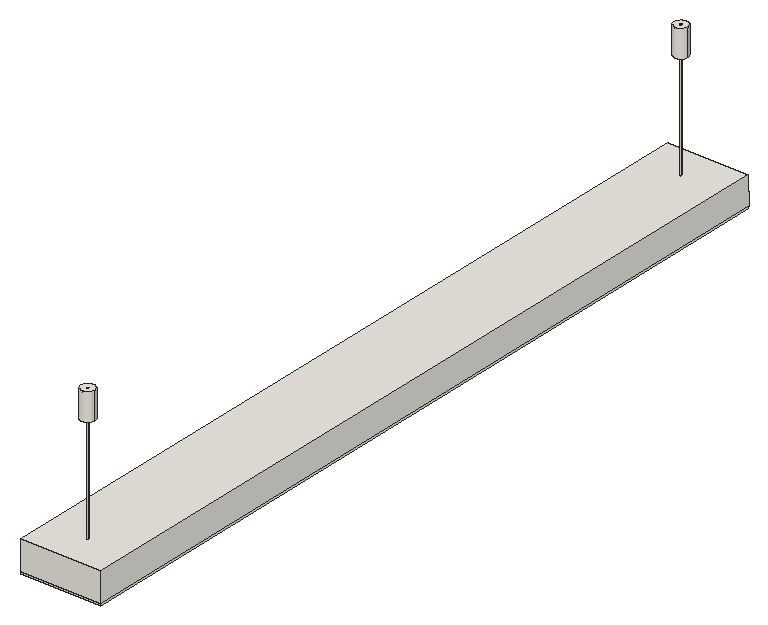
Revit family "ERA_LF_PR_SPO-532", category Осветительные приборы, Revit 2019
Family settings
  Размер круглого соединителя = Использовать диаметр
  Тип детали = Нормальный
  Номер OmniClass = 23.80.70.00
  Заголовок OmniClass = Lighting
  На основе рабочей плоскости = Нет
  Всегда вертикально = Да
  При загрузке вырезать с полостями = Нет
  Источник света = Да
  Общий = Нет
  Точка расчета площади = Да
Parameters (values of type "SPO-532-0-40K-018, LED, IP20, 600х60х23 мм (ДхШхВ), 18 Вт, 4000 К, 1500 лм, класс защиты I, в комплекте (импульсный драйвер, поликарбонат)")
  built-in parameter 1150104 = 13.8 (stored number, unit not read)
  Чаша подвеса [instance] = yes
  built-in parameter 1150134 = 2
  Файл фотометрической сетки = "SPO-532-0-40K-018.ies"
  Угол наклона = 90.00°
  built-in parameter 1150142 = "IESNA:LM-63-1995\r\n[DATA] 14.08.2014\r\n[MANUFAC]??ÐÀ\r\n[LUMCAT] \r\n[LUMINAIRE]  SPO-532-0-40K-018 \r\n[LAMP] LED\r\nTILT=NONE\r\n1 1600 1.506 46 37 1 2 0.600 0.060 0.023\r\n1 1 17.8\r\n0.0000 2.0000 4.0000 6.0000 8.0000 10.0000 12.0000 14.0000 16.0000 18.0000 20.0000 22.0000 24.0000 26.0000 28.0000 30.0000 32.0000 34.0000 36.0000 38.0000 40.0000 42.0000 44.0000 46.0000 48.0000 50.0000 52.0000 54.0000 56.0000 58.0000 60.0000 62.0000 64.0000 66.0000 68.0000 70.0000 72.0000 74.0000 76.0000 78.0000 80.0000 82.0000 84.0000 86.0000 88.0000 90.0000 \r\n0.0000 10.0000 20.0000 30.0000 40.0000 50.0000 60.0000 70.0000 80.0000 90.0000 100.0000 110.0000 120.0000 130.0000 140.0000 150.0000 160.0000 170.0000 180.0000 190.0000 200.0000 210.0000 220.0000 230.0000 240.0000 250.0000 260.0000 270.0000 280.0000 290.0000 300.0000 310.0000 320.0000 330.0000 340.0000 350.0000 360.0000 \r\n351.8476 351.8476 351.0617 349.4898 347.6558 345.0360 342.4161 338.7483 334.8185 330.3648 325.1250 320.1473 314.1216 308.0959 301.0223 293.9487 286.6130 278.2295 270.6319 261.7243 253.0788 244.1713 234.4778 225.0463 215.0908 204.8733 194.6558 184.4384 173.9589 163.4795 152.4760 141.7346 130.7312 119.9897 108.9863 98.2449 87.7654 77.0240 66.8065 56.5890 46.3716 36.9401 27.7706 18.6010 10.4795 3.1438 \r\n351.8476 351.8318 351.0459 349.4819 347.6558 345.0281 342.4240 338.7325 334.8185 330.3648 325.1408 320.1473 314.1137 308.0801 301.0223 293.9487 286.6051 278.2374 270.6240 261.7243 253.0709 244.1634 234.4699 225.0384 215.0829 204.8733 194.6637 184.4384 173.9668 163.4953 152.4839 141.7425 130.7391 119.9976 109.0100 98.2607 87.7733 77.0556 66.8302 56.6206 46.4032 36.9717 27.7863 18.6247 10.5032 3.1596 \r\n351.8476 351.7863 351.0004 349.4591 347.6558 345.0053 342.4468 338.6870 334.8185 330.3648 325.1863 320.1473 314.0910 308.0346 301.0223 293.9487 286.5824 278.2601 270.6012 261.7243 253.0481 244.1406 234.4471 225.0156 215.0601 204.8733 194.6865 184.4384 173.9896 163.5408 152.5067 141.7652 130.7618 120.0204 109.0782 98.3062 87.7961 77.1466 66.8985 56.7116 46.4942 37.0627 27.8318 18.6930 10.5714 3.2051 \r\n351.8476 351.7166 350.9307 349.4243 347.6558 344.9705 342.4816 338.6173 334.8185 330.3648 325.2560 320.1473 314.0561 307.9649 301.0223 293.9487 286.5475 278.2950 270.5664 261.7243 253.0133 244.1058 234.4123 224.9808 215.0253 204.8733 194.7213 184.4384 174.0244 163.6105 152.5415 141.8001 130.7967 120.0552 109.1828 98.3759 87.8309 77.2860 67.0030 56.8510 46.6336 37.2021 27.9015 18.7975 10.6759 3.2748 \r\n351.8476 351.6311 350.8452 349.3815 347.6558 344.9277 342.5244 338.5318 334.8185 330.3648 325.3415 320.1473 314.0134 307.8794 301.0223 293.9487 286.5048 278.3377 270.5236 261.7243 252.9705 244.0630 234.3695 224.9380 214.9825 204.8733 194.7641 184.4384 174.0672 163.6960 152.5843 141.8428 130.8394 120.0980 109.3111 98.4614 87.8737 77.4570 67.1313 57.0220 46.8046 37.3731 27.9870 18.9258 10.8042 3.3603 \r\n351.8476 351.5401 350.7542 349.3360 347.6558 344.8822 342.5699 338.4408 334.8185 330.3648 325.4325 320.1473 313.9679 307.7884 301.0223 293.9487 286.4593 278.3832 270.4781 261.7243 252.9250 244.0175 234.3240 224.8925 214.9370 204.8733 194.8096 184.4384 174.1127 163.7869 152.6298 141.8883 130.8849 120.1435 109.4475 98.5524 87.9192 77.6389 67.2677 57.2040 46.9865 37.5550 28.0780 19.0623 10.9407 3.4513 \r\n351.8476 351.4546 350.6687 349.2933 347.6558 344.8395 342.6126 338.3553 334.8185 330.3648 325.5180 320.1473 313.9251 307.7029 301.0223 293.9487 286.4165 278.4260 270.4354 261.7243 252.8823 243.9748 234.2813 224.8498 214.8943 204.8733 194.8523 184.4384 174.1554 163.8724 152.6725 141.9311 130.9277 120.1862 109.5758 98.6379 87.9619 77.8099 67.3960 57.3750 47.1575 37.7260 28.1635 19.1905 11.0689 3.5368 \r\n351.8476 351.3849 350.5990 349.2584 347.6558 344.8046 342.6475 338.2856 334.8185 330.3648 325.5877 320.1473 313.8903 307.6332 301.0223 293.9487 286.3817 278.4608 270.4005 261.7243 252.8474 243.9399 234.2464 224.8149 214.8594 204.8733 194.8872 184.4384 174.1903 163.9421 152.7074 141.9659 130.9625 120.2211 109.6803 98.7076 87.9968 77.9493 67.5005 57.5144 47.2969 37.8654 28.2332 19.2950 11.1735 3.6065 \r\n351.8476 351.3395 350.5535 349.2357 347.6558 344.7819 342.6702 338.2401 334.8185 330.3648 325.6332 320.1473 313.8675 307.5877 301.0223 293.9487 286.3589 278.4836 270.3778 261.7243 252.8247 243.9172 234.2237 224.7922 214.8367 204.8733 194.9099 184.4384 174.2130 163.9876 152.7301 141.9887 130.9853 120.2438 109.7486 98.7530 88.0195 78.0403 67.5688 57.6054 47.3879 37.9564 28.2787 19.3633 11.2417 3.6520 \r\n351.8476 351.3237 350.5377 349.2278 347.6558 344.7740 342.6781 338.2243 334.8185 330.3648 325.6490 320.1473 313.8596 307.5719 301.0223 293.9487 286.3510 278.4915 270.3699 261.7243 252.8168 243.9093 234.2158 224.7843 214.8288 204.8733 194.9178 184.4384 174.2209 164.0034 152.7380 141.9966 130.9932 120.2517 109.7723 98.7688 88.0274 78.0719 67.5925 57.6370 47.4195 37.9880 28.2945 19.3870 11.2654 3.6678 \r\n351.8476 351.3237 350.5140 349.2278 347.6242 344.7424 342.6307 338.2006 334.7790 330.2936 325.5700 320.0604 313.7727 307.5008 300.9433 293.8776 286.2799 278.4204 270.2751 261.6295 252.7220 243.8066 234.1210 224.7132 214.7656 204.8259 194.8704 184.4068 174.1893 163.9560 152.7143 141.9650 130.9695 120.2122 109.7328 98.7293 87.9879 78.0087 67.5214 57.5580 47.3405 37.9011 28.2392 19.3080 11.1396 3.6196 \r\n351.8476 351.3237 350.4458 349.2278 347.5333 344.6514 342.4942 338.1324 334.6653 330.0889 325.3425 319.8102 313.5225 307.2961 300.7158 293.6728 286.0752 278.2156 270.0021 261.3566 252.4490 243.5109 233.8480 224.5084 214.5836 204.6894 194.7339 184.3158 174.0983 163.8196 152.6461 141.8740 130.9012 120.0985 109.6190 98.6156 87.8742 77.8267 67.3166 57.3305 47.1131 37.6509 28.0800 19.0805 10.7775 3.4808 \r\n351.8476 351.3237 350.3412 349.2278 347.3939 344.5120 342.2851 338.0278 334.4910 329.7753 324.9940 319.4268 313.1391 306.9825 300.3673 293.3592 285.7616 277.9020 269.5839 260.9384 252.0308 243.0578 233.4298 224.1948 214.3048 204.4803 194.5248 184.1764 173.9589 163.6105 152.5415 141.7346 130.7967 119.9242 109.4448 98.4414 87.6999 77.5479 67.0030 56.9820 46.7645 37.2675 27.8360 18.7320 10.2226 3.2682 \r\n351.8476 351.3237 350.2130 349.2278 347.2229 344.3410 342.0286 337.8996 334.2773 329.3905 324.5665 318.9566 312.6689 306.5977 299.9398 292.9744 285.3768 277.5172 269.0709 260.4254 251.5178 242.5020 232.9168 223.8100 213.9628 204.2238 194.2683 184.0054 173.7879 163.3540 152.4133 141.5636 130.6684 119.7105 109.2310 98.2276 87.4862 77.2059 66.6182 56.5545 46.3370 36.7973 27.5368 18.3045 9.5420 3.0074 \r\n351.8476 351.3237 350.0765 349.2278 347.0409 344.1590 341.7557 337.7631 334.0498 328.9811 324.1116 318.4561 312.1685 306.1883 299.4849 292.5650 284.9674 277.1078 268.5250 259.8794 250.9719 241.9106 232.3709 223.4006 213.5989 203.9509 193.9954 183.8234 173.6059 163.0810 152.2768 141.3816 130.5319 119.4830 109.0036 98.0001 87.2587 76.8420 66.2088 56.0996 45.8821 36.2969 27.2183 17.8496 8.8176 2.7298 \r\n351.8476 351.3237 349.9482 349.2278 346.8699 343.9880 341.4992 337.6349 333.8361 328.5963 323.6841 317.9859 311.6982 305.8035 299.0574 292.1802 284.5826 276.7230 268.0120 259.3664 250.4589 241.3549 231.8579 223.0158 213.2569 203.6944 193.7389 183.6524 173.4349 162.8245 152.1486 141.2106 130.4037 119.2693 108.7898 97.7864 87.0449 76.5000 65.8241 55.6721 45.4546 35.8266 26.9191 17.4221 8.1370 2.4690 \r\n351.8476 351.3237 349.8437 349.2278 346.7305 343.8486 341.2901 337.5303 333.6618 328.2827 323.3356 317.6025 311.3149 305.4899 298.7089 291.8666 284.2690 276.4094 267.5938 258.9482 250.0407 240.9018 231.4397 222.7022 212.9781 203.4853 193.5298 183.5130 173.2955 162.6154 152.0440 141.0712 130.2991 119.0950 108.6156 97.6121 86.8707 76.2212 65.5104 55.3236 45.1061 35.4433 26.6751 17.0736 7.5821 2.2564 \r\n351.8476 351.3237 349.7754 349.2278 346.6395 343.7577 341.1536 337.4621 333.5481 328.0780 323.1081 317.3523 311.0647 305.2852 298.4814 291.6619 284.0643 276.2047 267.3208 258.6753 249.7678 240.6061 231.1667 222.4975 212.7961 203.3488 193.3933 183.4220 173.2046 162.4789 151.9758 140.9802 130.2309 118.9813 108.5018 97.4984 86.7570 76.0392 65.3057 55.0961 44.8787 35.1931 26.5159 16.8461 7.2200 2.1176 \r\n351.8476 351.3237 349.7517 349.2278 346.6079 343.7261 341.1062 337.4384 333.5086 328.0069 323.0291 317.2654 310.9778 305.2141 298.4024 291.5908 283.9932 276.1336 267.2260 258.5805 249.6730 240.5034 231.0719 222.4264 212.7329 203.3014 193.3459 183.3904 173.1730 162.4315 151.9521 140.9486 130.2072 118.9418 108.4623 97.4589 86.7175 75.9760 65.2346 55.0171 44.7997 35.1062 26.4606 16.7671 7.0942 2.0694 \r\n351.8476 351.3237 349.7517 349.1962 346.6079 343.7182 341.0904 337.4068 333.4770 327.9990 323.0212 317.2496 310.9778 305.1904 298.3866 291.5671 283.9537 276.0941 267.2023 258.5489 249.6572 240.5034 231.0798 222.4185 212.7092 203.2540 193.2906 183.3272 173.0861 162.3762 151.9047 140.9091 130.1677 118.9260 108.4386 97.4510 86.7175 75.9918 65.2662 55.0487 44.8313 35.1378 26.4237 16.5392 6.9539 2.0212 \r\n351.8476 351.3237 349.7517 349.1052 346.6079 343.6954 341.0449 337.3158 333.3860 327.9762 322.9985 317.2041 310.9778 305.1221 298.3411 291.4988 283.8399 275.9803 267.1341 258.4579 249.6117 240.5034 231.1026 222.3957 212.6409 203.1175 193.1314 183.1452 172.8358 162.2170 151.7682 140.7954 130.0540 118.8805 108.3704 97.4283 86.7175 76.0373 65.3572 55.1397 44.9223 35.2288 26.3174 15.8831 6.5498 1.8823 \r\n351.8476 351.3237 349.7517 348.9658 346.6079 343.6606 340.9752 337.1764 333.2466 327.9414 322.9636 317.1344 310.9778 305.0176 298.2714 291.3943 283.6657 275.8061 267.0296 258.3185 249.5420 240.5034 231.1374 222.3609 212.5364 202.9084 192.8874 182.8664 172.4525 161.9730 151.5591 140.6211 129.8797 118.8108 108.2658 97.3934 86.7175 76.1070 65.4966 55.2791 45.0617 35.3682 26.1545 14.8778 5.9308 1.6695 \r\n351.8476 351.3237 349.7517 348.7948 346.6079 343.6178 340.8897 337.0054 333.0756 327.8986 322.9209 317.0489 310.9778 304.8893 298.1859 291.2660 283.4519 275.5923 266.9013 258.1475 249.4565 240.5034 231.1802 222.3181 212.4081 202.6519 192.5882 182.5244 171.9822 161.6738 151.3026 140.4074 129.6660 118.7253 108.1376 97.3507 86.7175 76.1925 65.6676 55.4501 45.2327 35.5392 25.9548 13.6446 5.1715 1.4084 \r\n351.8476 351.3237 349.7517 348.6128 346.6079 343.5723 340.7987 336.8234 332.8936 327.8531 322.8754 316.9580 310.9778 304.7528 298.0949 291.1295 283.2245 275.3649 266.7648 257.9655 249.3655 240.5034 231.2257 222.2726 212.2717 202.3789 192.2697 182.1605 171.4818 161.3553 151.0296 140.1799 129.4385 118.6343 108.0011 97.3052 86.7175 76.2835 65.8496 55.6321 45.4146 35.7211 25.7422 12.3323 4.3634 1.1306 \r\n351.8476 351.3237 349.7517 348.4418 346.6079 343.5296 340.7132 336.6524 332.7226 327.8104 322.8326 316.8725 310.9778 304.6246 298.0094 291.0013 283.0107 275.1511 266.6366 257.7945 249.2800 240.5034 231.2684 222.2299 212.1434 202.1224 191.9705 181.8185 171.0115 161.0561 150.7731 139.9662 129.2247 118.5488 107.8729 97.2624 86.7175 76.3690 66.0206 55.8031 45.5856 35.8921 25.5424 11.0992 3.6040 0.8696 \r\n351.8476 351.3237 349.7517 348.3024 346.6079 343.4947 340.6435 336.5130 332.5832 327.7755 322.7978 316.8028 310.9778 304.5200 297.9397 290.8968 282.8365 274.9769 266.5320 257.6551 249.2103 240.5034 231.3033 222.1950 212.0389 201.9133 191.7265 181.5397 170.6282 160.8121 150.5640 139.7919 129.0505 118.4791 107.7683 97.2276 86.7175 76.4387 66.1600 55.9425 45.7250 36.0315 25.3795 10.0939 2.9850 0.6568 \r\n351.8476 351.3237 349.7517 348.2114 346.6079 343.4720 340.5980 336.4220 332.4922 327.7528 322.7750 316.7573 310.9778 304.4518 297.8942 290.8285 282.7227 274.8631 266.4638 257.5641 249.1648 240.5034 231.3260 222.1723 211.9706 201.7769 191.5673 181.3577 170.3780 160.6529 150.4275 139.6782 128.9368 118.4336 107.7001 97.2048 86.7175 76.4842 66.2509 56.0335 45.8160 36.1225 25.2732 9.4378 2.5810 0.5179 \r\n351.8476 351.3237 349.7517 348.1798 346.6079 343.4641 340.5822 336.3904 332.4606 327.7449 322.7671 316.7415 310.9778 304.4281 297.8784 290.8048 282.6832 274.8237 266.4401 257.5326 249.1490 240.5034 231.3339 222.1644 211.9469 201.7295 191.5120 181.2945 170.2911 160.5976 150.3801 139.6387 128.8973 118.4178 107.6764 97.1969 86.7175 76.5000 66.2825 56.0651 45.8476 36.1541 25.2363 9.2100 2.4407 0.4697 \r\n351.8476 351.3395 349.7912 348.2193 346.6395 343.5115 340.6375 336.4615 332.5318 327.8239 322.8383 316.8442 311.0726 304.5387 297.9733 290.8996 282.8018 274.9264 266.5665 257.6590 249.2675 240.6141 231.4287 222.2513 212.0417 201.8243 191.6068 181.3893 170.4017 160.6845 150.4434 139.7019 128.9526 118.4652 107.7159 97.2285 86.7491 76.5158 66.2983 56.0809 45.8634 36.1778 25.3128 9.4932 2.6831 0.5503 \r\n351.8476 351.3850 349.9050 348.3331 346.7305 343.6480 340.7968 336.6663 332.7365 328.0514 323.0430 317.1399 311.3455 304.8572 298.2462 291.1726 283.1430 275.2221 266.9305 258.0229 249.6087 240.9325 231.7017 222.5015 212.3147 202.0973 191.8798 181.6623 170.7202 160.9347 150.6253 139.8839 129.1118 118.6017 107.8296 97.3195 86.8401 76.5613 66.3438 56.1264 45.9089 36.2461 25.5328 10.3086 3.3811 0.7825 \r\n351.8476 351.4547 350.0792 348.5073 346.8699 343.8571 341.0407 336.9799 333.0501 328.3999 323.3566 317.5930 311.7638 305.3451 298.6644 291.5908 283.6657 275.6751 267.4881 258.5805 250.1315 241.4204 232.1199 222.8849 212.7329 202.5155 192.2980 182.0805 171.2081 161.3181 150.9041 140.1627 129.3558 118.8108 108.0039 97.4589 86.9795 76.6310 66.4135 56.1961 45.9786 36.3506 25.8699 11.5578 4.4505 1.1382 \r\n351.8476 351.5402 350.2930 348.7211 347.0409 344.1136 341.3400 337.3647 333.4349 328.8274 323.7414 318.1487 312.2768 305.9436 299.1774 292.1038 284.3070 276.2309 268.1721 259.2645 250.7727 242.0189 232.6329 223.3551 213.2459 203.0285 192.8110 182.5935 171.8066 161.7884 151.2461 140.5047 129.6550 119.0673 108.2176 97.6299 87.1505 76.7165 66.4990 56.2816 46.0641 36.4789 26.2834 13.0902 5.7622 1.5746 \r\n351.8476 351.6311 350.5205 348.9485 347.2229 344.3865 341.6584 337.7741 333.8443 329.2823 324.1508 318.7401 312.8227 306.5805 299.7234 292.6497 284.9894 276.8223 268.9000 259.9924 251.4551 242.6558 233.1788 223.8556 213.7919 203.5744 193.3569 183.1395 172.4435 162.2888 151.6101 140.8687 129.9735 119.3403 108.4451 97.8119 87.3324 76.8075 66.5900 56.3726 46.1551 36.6153 26.7235 14.7210 7.1581 2.0390 \r\n351.8476 351.7166 350.7342 349.1623 347.3939 344.6430 341.9577 338.1589 334.2291 329.7098 324.5356 319.2959 313.3357 307.1790 300.2364 293.1627 285.6306 277.3781 269.5840 260.6764 252.0964 243.2543 233.6918 224.3258 214.3048 204.0874 193.8699 183.6524 173.0420 162.7590 151.9521 141.2107 130.2727 119.5968 108.6588 97.9829 87.5034 76.8930 66.6755 56.4581 46.2406 36.7436 27.1370 16.2534 8.4699 2.4753 \r\n351.8476 351.7863 350.9084 349.3365 347.5333 344.8521 342.2016 338.4725 334.5427 330.0583 324.8492 319.7489 313.7539 307.6669 300.6546 293.5809 286.1534 277.8311 270.1416 261.2340 252.6191 243.7422 234.1100 224.7092 214.7230 204.5056 194.2881 184.0706 173.5299 163.1424 152.2309 141.4894 130.5167 119.8059 108.8331 98.1223 87.6428 76.9627 66.7452 56.5278 46.3103 36.8481 27.4741 17.5026 9.5392 2.8310 \r\n351.8476 351.8318 351.0222 349.4503 347.6243 344.9886 342.3608 338.6772 334.7474 330.2858 325.0539 320.0446 314.0268 307.9853 300.9275 293.8539 286.4946 278.1268 270.5055 261.5980 252.9603 244.0607 234.3830 224.9594 214.9960 204.7785 194.5611 184.3436 173.8483 163.3926 152.4129 141.6714 130.6759 119.9423 108.9468 98.2133 87.7338 77.0082 66.7907 56.5732 46.3558 36.9164 27.6941 18.3179 10.2371 3.0632 \r\n351.8476 351.8476 351.0617 349.4898 347.6558 345.0360 342.4161 338.7483 334.8185 330.3648 325.1250 320.1473 314.1216 308.0959 301.0223 293.9487 286.6130 278.2295 270.6319 261.7243 253.0788 244.1713 234.4778 225.0463 215.0908 204.8733 194.6558 184.4384 173.9589 163.4795 152.4760 141.7346 130.7312 119.9897 108.9863 98.2449 87.7654 77.0240 66.8065 56.5890 46.3716 36.9401 27.7706 18.6010 10.4795 3.1438 \r\n"
  Диаметр чаши подвеса = 10.00 mm
  Высота чаши подвеса = 20.00 mm
  _УГО_Ширина = if(_Корпус_Ширина / УГО_Масштаб < 1.00 mm, 1.00 mm, _Корпус_Ширина / УГО_Масштаб)  # 1.00 mm
  УГО_Масштаб = 100
  _УГО_Длина = if(_Корпус_Длина / УГО_Масштаб < 1.00 mm, 1.00 mm, _Корпус_Длина / УГО_Масштаб)  # 6.00 mm
  _УГО_Диаметр = if(_Корпус_Длина / УГО_Масштаб < 1.00 mm, 1.00 mm, _Корпус_Длина / УГО_Масштаб)  # 6.00 mm
  УГО_Видимость [instance] = not(УГО_Реальный размер)  # yes
  УГО_Аварийный [instance] = no
  Тип установки = "Подвесной"
  Степень защиты IP = "IP20"
  built-in parameter 1150137 = (empty or 0)
  built-in parameter 1150132 = 2
  built-in parameter 1150114 = 1 (stored number, unit not read)
  Dimming Lamp Color Temperature Shift = (empty or 0)
  built-in parameter 1150105 = 417.78 (stored number, unit not read)
  Color Filter = 16777215
  Lumens = 1500 lm
  Разработчик модели = "https://www.teslabim.ru"
  built-in parameter 1150109 = 1 (stored number, unit not read)
  built-in parameter 1150112 = 1 (stored number, unit not read)
  built-in parameter 1150110 = 1 (stored number, unit not read)
  built-in parameter 1150113 = 1 (stored number, unit not read)
  built-in parameter 1150115 = 1 (stored number, unit not read)
  built-in parameter 1114218 = 1 (stored number, unit not read)
  built-in parameter 1114217 = 1 (stored number, unit not read)
  built-in parameter 1150106 = 4.1778 (stored number, unit not read)
  Emit from Rectangle Width = _Корпус_Ширина  # 60.00 mm
  Emit from Rectangle Length = _Корпус_Длина  # 600.00 mm
  _Корпус_Ширина = if(ADSK_Размер_Ширина < 1.00 mm, 1.00 mm, ADSK_Размер_Ширина)  # 60.00 mm
  _Корпус_Длина = if(ADSK_Размер_Длина < 1.00 mm, 1.00 mm, ADSK_Размер_Длина)  # 600.00 mm
  built-in parameter 1150133 = 10 (stored number, unit not read)
  Wattage = 35.3435 W
  built-in parameter 1150139 = (empty or 0)
  built-in parameter 1114216 [instance] = 1 (stored number, unit not read)
  Цвет = Белый
  УГО_Реальный размер [instance] = no
  Description = ""
  Lamp = ""
  Комплект = "Импульсный драйвер, поликарбонат"
  Класс пожароопасности = "Нет"
  Класс защиты = "I"
  built-in parameter 1150138 = (empty or 0)
  built-in parameter 1150107 = 4000 (stored number, unit not read)
  built-in parameter 1150102 = (empty or 0)
  Источник света = "LED"
  Manufacturer = ""
  Длина подвеса [instance] = 100.00 mm
  Диаметр подвеса = 1.00 mm
  Геометрия изделия = "Прямоугольный"
  Видимая форма излучения при визуализации = no
  _УГО_Аварийный [instance] = if(УГО_Аварийный, "A", " ")  # " "
  _Корпус_Диаметр = if(ADSK_Размер_Диаметр < 1.00 mm, 1.00 mm, ADSK_Размер_Диаметр)  # 1.00 mm
  _Подвес_Расстояние = _Корпус_Длина - 50.00 mm  # 550.00 mm
  _Подвес_Чаша_Высота = if(Высота чаши подвеса < 1.00 mm, 1.00 mm, Высота чаши подвеса)  # 20.00 mm
  _Подвес_Длина [instance] = if(Длина подвеса < 1.00 mm, 1.00 mm, Длина подвеса)  # 100.00 mm
  _Подвес_Чаша_Диаметр = if(Диаметр чаши подвеса < 1.00 mm, 1.00 mm, Диаметр чаши подвеса)  # 10.00 mm
  _Подвес_Диаметр = if(Диаметр подвеса < 1.00 mm, 1.00 mm, Диаметр подвеса)  # 1.00 mm
  _Корпус_Высота = if(ADSK_Размер_Высота < 1.00 mm, 1.00 mm, ADSK_Размер_Высота)  # 23.00 mm
  URL = "https://www.eraworld.ru/catalog/2650724"
  ADSK_Размер_Ширина = 60.00 mm
  ADSK_Размер_Длина = 600.00 mm
  ADSK_Размер_Диаметр = 0.00 mm
  ADSK_Примечание = "Импульсный драйвер, поликарбонат"
  ADSK_Полная мощность = ADSK_Номинальная мощность / ADSK_Коэффициент мощности  # 20 VA
  ADSK_Позиция = ""
  ADSK_Номинальная мощность = 18 W
  ADSK_Напряжение = 230 V
  ADSK_Наименование краткое = "Светильник"
  ADSK_Масса = 0.3
  ADSK_Марка = "SPO-532-0-40K-018"
  ADSK_Коэффициент мощности = 0.9
  ADSK_Количество фаз = 1
  ADSK_Код изделия = ""
  ADSK_Классификация нагрузок = Освещение
  ADSK_Размер_Высота = 23.00 mm
  ADSK_Обозначение = ADSK_Марка  # "SPO-532-0-40K-018"
  ADSK_Наименование = "Светильник, LED, прямоугольный, подвесной, IP20, 600х60х23 мм (ДхШхВ), 18 Вт, 4000 К, 1500 лм, класс защиты I, в комплекте (импульсный драйвер, поликарбонат)"
  ADSK_Завод-изготовитель = "ЭРА"
  ADSK_Единица измерения = "шт."
Reference planes
  plane 1 "По центру (Вперед/Назад)": y = 0
  plane 2: z = 0
  plane 3 "По центру (Влево/Вправо)": x = 0
  plane 4 "ИС": z = -123
  plane 5 "H": z = -100
  plane 6 "П2": y = -275
  plane 7 "П1": y = 275
Dimensions and locks
  "_Подвес_Длина": plane 5 "H" to plane 2
  "ADSK_Размер_Высота": plane 4 "ИС" to plane 5 "H"
  equal spacing: plane 7 "П1", plane 1 "По центру (Вперед/Назад)", plane 6 "П2"
  "_Подвес_Расстояние": plane 7 "П1" to plane 6 "П2"
  aligned and locked: level to plane 2
  aligned and locked: imposter light to plane 4 "ИС"
  aligned and locked: nested 2 to plane 3 "По центру (Влево/Вправо)"
  aligned and locked: plane 1 "По центру (Вперед/Назад)" to nested 2
  aligned and locked: plane 3 "По центру (Влево/Вправо)" to nested 4
  aligned and locked: plane 3 "По центру (Влево/Вправо)" to nested 3
  aligned and locked: plane 6 "П2" to nested 4
  aligned and locked: plane 7 "П1" to nested 3
Nested families
  nested 1: "GA_УГО" at (0, 0, 0), visible <- "УГО_Видимость", Аварийный <- "УГО_Аварийный", type "Прямоугольник", detail levels coarse+medium
    with Аварийный no, Ширина 1.00 mm, Длина 6.00 mm
  nested 2: "GM_ОП_Пр_Корпус" at (0, 0, -100) x (-1, 0, 0) z (0, 0, -1), type "GM_ОП_Пр_Корпус"
  nested 3: "GM_Подвес" at (0, 275, 0), type "GM_Подвес"
    with Чаша yes, Диаметр чаши подвеса 10.00 mm, Высота чаши подвеса 20.00 mm
  nested 4: "GM_Подвес" at (0, -275, 0), type "GM_Подвес"
    with Чаша yes, Диаметр чаши подвеса 10.00 mm, Высота чаши подвеса 20.00 mm
Connectors
  electrical at (0, 0, 0), driven by "ADSK_Коэффициент мощности", driven by "ADSK_Количество фаз", driven by "ADSK_Классификация нагрузок", driven by "ADSK_Напряжение", driven by "ADSK_Полная мощность"
    settings: index 1, voltage 230 V, apparent load 20 VA, apparent load phase1 0 VA, apparent load phase2 0 VA, apparent load phase3 0 VA, power factor 0.9, load classification "Освещение", number of poles 1, system type 30, power factor state 1, is connector primary yes, connector utility no, sub classification motor no, connector description ""
Definition of nested family "GM_ОП_Пр_Корпус"
  Parameters (values of type "GM_ОП_Пр_Корпус")
    Рассеиватель_Высота = Корпус_Высота * 0.05  # 1.15 mm
    Корпус_Ширина = 60.00 mm
    Цвет = none
    Реальный размер = no
    Default Elevation = 1000.00 mm
    Корпус_Длина = 600.00 mm
    Корпус_Высота = 23.00 mm
    Кант_Ширина = Корпус_Ширина * 0.05  # 3.00 mm
  Reference planes
    plane 1 "По центру (Вперед/Назад)": y = 0
    plane 2: z = 0
    plane 3 "По центру (Влево/Вправо)": x = 0
    plane 4 "Ш1": x = 30
    plane 5 "Ш2": x = -30
    plane 6 "Д1": y = 300
    plane 7 "Д2": y = -300
    plane 8 "В": z = 23
    plane 9 "Р": z = 21.85
  Forms (mm)
    Extrusion 1, solid, material <- "Цвет", detail levels fine
      sketch origin (0, 0, 0) x (1, 0, 0) y (0, 1, 0)
        loop
          line (30, -300) -> (30, 300) -> (-30, 300) -> (-30, -300) -> (30, -300)
      from 0 to 21.85
    Extrusion 2, solid, visible <- "Реальный размер", detail levels coarse+medium
      sketch origin (0, 0, 0) x (1, 0, 0) y (0, 1, 0)
        loop
          line (-30, 300) -> (-30, -300) -> (30, -300) -> (30, 300) -> (-30, 300)
      from 0 to 23 <- "Корпус_Высота"
  Dimensions and locks
    equal spacing: plane 5 "Ш2", plane 3 "По центру (Влево/Вправо)", plane 4 "Ш1"
    "Корпус_Ширина": plane 5 "Ш2" to plane 4 "Ш1"
    equal spacing: plane 6 "Д1", plane 1 "По центру (Вперед/Назад)", plane 7 "Д2"
    "Корпус_Длина": plane 6 "Д1" to plane 7 "Д2"
    "Корпус_Высота": plane 2 to plane 8 "В"
    "Рассеиватель_Высота": plane 9 "Р" to plane 8 "В"
    aligned and locked: level to plane 2
    aligned and locked: Extrusion 1 to plane 5 "Ш2"
    aligned and locked: Extrusion 1 to plane 4 "Ш1"
    aligned and locked: Extrusion 1 to plane 6 "Д1"
    aligned and locked: plane 7 "Д2" to Extrusion 1
    aligned and locked: plane 6 "Д1" to Extrusion 2 sketch curve
    aligned and locked: Extrusion 2 sketch curve to plane 7 "Д2"
    aligned and locked: Extrusion 2 sketch curve to plane 5 "Ш2"
    aligned and locked: Extrusion 2 sketch curve to plane 4 "Ш1"
    aligned and locked: Extrusion 1 to plane 2
    aligned and locked: Extrusion 2 to plane 2
    aligned and locked: nested 1 to plane 8 "В"
    aligned and locked: plane 3 "По центру (Влево/Вправо)" to nested 1
    aligned and locked: plane 1 "По центру (Вперед/Назад)" to nested 1
    aligned and locked: Extrusion 1 to plane 9 "Р"
  Automatic sketch dimensions
    Extrusion 1 sketch curve to plane 5 "Ш2" = 0.00 mm
    Extrusion 1 sketch curve to plane 4 "Ш1" = 0.00 mm
    plane 7 "Д2" to Extrusion 1 sketch curve = 0.00 mm
    plane 6 "Д1" to Extrusion 1 sketch curve = 0.00 mm
  Nested families
    nested 1: "GM_ОП_Пр_Рассеиватель" at (0, 0, 21.85), type "GM_ОП_Пр_Рассеиватель"
      with Корпус_Ширина 60.00 mm, Корпус_Длина 600.00 mm, Корпус_Высота 1.15 mm
  Definition of nested family "GM_ОП_Пр_Рассеиватель"
    Parameters (values of type "GM_ОП_Пр_Рассеиватель")
      Корпус_Ширина = 80.00 mm
      Цвет = none
      Default Elevation = 1000.00 mm
      Корпус_Длина = 100.00 mm
      Корпус_Высота = 1.30 mm
      Кант_Ширина = 5.00 mm
    Reference planes
      plane 1 "По центру (Вперед/Назад)": y = 0
      plane 2: z = 0
      plane 3 "По центру (Влево/Вправо)": x = 0
      plane 4 "Ш1": x = 40
      plane 5 "Ш2": x = -40
      plane 6 "Д1": y = 50
      plane 7 "Д2": y = -50
    Forms (mm)
      Extrusion 1, solid, material <- "Цвет", detail levels fine
        sketch origin (0, 0, 0) x (1, 0, 0) y (0, 1, 0)
          loop
            line (40, -50) -> (40, 50) -> (-40, 50) -> (-40, -50) -> (40, -50)
          loop
            line (-35, 45) -> (-35, -45) -> (35, -45) -> (35, 45) -> (-35, 45)
        from 0 to 1.3 <- "Корпус_Высота"
      Extrusion 2, solid, detail levels fine
        sketch origin (20, -32.684, 0) x (1, 0, 0) y (0, 1, 0)
          loop
            line (-55, 77.684) -> (-55, -12.316) -> (15, -12.316) -> (15, 77.684) -> (-55, 77.684)
        from 0 to 1.3 <- "Корпус_Высота"
    Dimensions and locks
      equal spacing: plane 5 "Ш2", plane 3 "По центру (Влево/Вправо)", plane 4 "Ш1"
      "Корпус_Ширина": plane 5 "Ш2" to plane 4 "Ш1"
      equal spacing: plane 6 "Д1", plane 1 "По центру (Вперед/Назад)", plane 7 "Д2"
      "Корпус_Длина": plane 6 "Д1" to plane 7 "Д2"
      "Кант_Ширина": plane 5 "Ш2" to Extrusion 2 sketch curve
      "Кант_Ширина": Extrusion 2 sketch curve to plane 4 "Ш1"
      "Кант_Ширина": plane 6 "Д1" to Extrusion 2 sketch curve
      "Кант_Ширина": plane 7 "Д2" to Extrusion 2 sketch curve
      aligned and locked: level to plane 2
      aligned and locked: plane 5 "Ш2" to Extrusion 1
      aligned and locked: Extrusion 1 to plane 4 "Ш1"
      aligned and locked: Extrusion 1 to plane 6 "Д1"
      aligned and locked: plane 7 "Д2" to Extrusion 1
      aligned and locked: Extrusion 1 to plane 2
      aligned and locked: Extrusion 1 sketch curve to Extrusion 2  (x4)
    Automatic sketch dimensions
      Extrusion 1 sketch curve to plane 5 "Ш2" = 0.00 mm
      Extrusion 1 sketch curve to plane 4 "Ш1" = 0.00 mm
      plane 7 "Д2" to Extrusion 1 sketch curve = 0.00 mm
      plane 6 "Д1" to Extrusion 1 sketch curve = 0.00 mm
Definition of nested family "GM_Подвес"
  Parameters (values of type "GM_Подвес")
    Чаша = no
    Цвет = none
    Реальный размер = no
    Default Elevation = 1000.00 mm
    Длина подвеса = 100.00 mm
    Диаметр чаши подвеса = 25.00 mm
    Диаметр подвеса = 1.00 mm
    Высота чаши подвеса = 50.00 mm
  Reference planes
    plane 1 "По центру (Вперед/Назад)": y = 0
    plane 2: z = 0
    plane 3 "По центру (Влево/Вправо)": x = 0
    plane 4 "П": z = -100
    plane 5 "Ч": z = -50
  Forms (mm)
    Extrusion 1, solid, material <- "Цвет", detail levels fine
      sketch origin (0, 0, 0) x (1, 0, 0) y (0, 1, 0)
        loop
          circle (0, 0) r 0.5
      from 0 to -100
    Extrusion 2, solid, material <- "Цвет", visible <- "Чаша", detail levels fine
      sketch origin (0, 0, 0) x (1, 0, 0) y (0, 1, 0)
        loop
          circle (0, 0) r 12.5
      from 0 to -50
  Lines and regions (mm)
    model lines, visible <- "Реальный размер", detail levels coarse+medium
      curve 1: line (0, 0, -100) -> (0, 0, 0)
  Dimensions and locks
    "Длина подвеса": plane 4 "П" to plane 2
    "Высота чаши подвеса": plane 5 "Ч" to plane 2
    "Диаметр чаши подвеса": diameter of Extrusion 2 sketch curve
    "Диаметр подвеса": diameter of Extrusion 1 sketch curve
    aligned and locked: level to plane 2
    aligned and locked: plane 4 "П" to Extrusion 1
    aligned and locked: plane 2 to Extrusion 1
    aligned and locked: level to curve 1
    aligned and locked: curve 1 to plane 4 "П"
    aligned and locked: curve 1 to plane 3 "По центру (Влево/Вправо)"
    aligned and locked: plane 5 "Ч" to Extrusion 2
  Automatic sketch dimensions
    plane 1 "По центру (Вперед/Назад)" to Extrusion 1 sketch curve = 0.00 mm
    Extrusion 1 sketch curve to plane 3 "По центру (Влево/Вправо)" = 0.00 mm
    plane 1 "По центру (Вперед/Назад)" to Extrusion 2 sketch curve = 0.00 mm
    Extrusion 2 sketch curve to plane 3 "По центру (Влево/Вправо)" = 0.00 mm
Definition of nested family "GA_УГО"
  Parameters (values of type "Прямоугольник")
    Ширина = 10.00 mm
    Прямоугольник = yes
    Круг = no
    Длина = 10.00 mm
    Диаметр = 10.00 mm
    Аварийный [instance] = yes
  Types (3, lengths in mm): name | Прямоугольник | Круг | Аварийный
    Круг | no | yes | yes
    Прямоугольник | yes | no | yes
    Нет | no | no | no
  Reference planes
    plane 1: y = 0
    plane 2: x = 0
  Lines and regions (mm)
    detail lines, visible <- "Круг"
      curve 1: circle (0, 0, 0) r 5 normal (0, 0, 1)
    detail lines, visible <- "Прямоугольник"
      curve 2: line (-5, -5, 0) -> (5, -5, 0)
